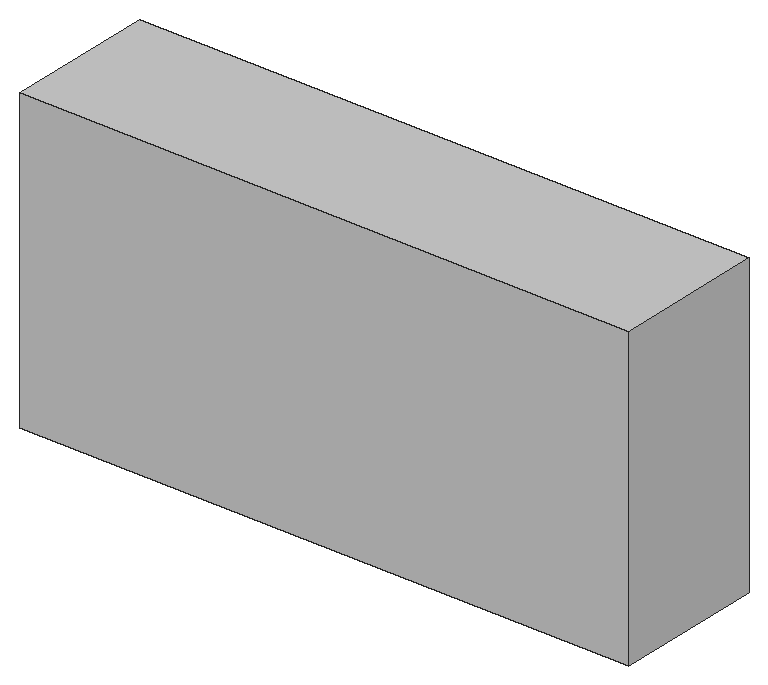
Revit family "混凝土 - 矩形梁", category 结构框架, Revit 2020
Family settings
  显示在隐藏视图中 = 被其他构件隐藏的边缘
  结构框架长度舍入 = 1 mm
  横断面形状 = 未定义
  用于模型行为的材质 = 混凝土
  始终导出为几何图形 = 否
  总是垂直 = 是
  加载时剪切的空心 = 否
  符号表示法 = 从族
  共享 = 否
  在平面视图中显示族的预剪切 = 是
Parameters (values of type "300 x 600mm")
  Structural Material [instance] = 混凝土 - 现场浇注混凝土
  Assembly Code = ""
  Length [instance] = 1524 mm
  b = 300 mm
  h = 600 mm
Types (3, lengths in mm): name | Structural Material | b | h
  (no name) | 混凝土 - 现场浇注混凝土 | 300 | 600
  400 x 800mm | none | 400 | 800
  300 x 600mm | 混凝土 - 现场浇注混凝土 | 300 | 600
Reference planes
  plane 1 "中心(前/后)": y = 0
  plane 2: z = 0
  plane 3 "中心(左/右)": x = 4.61
  plane 4 "左构件": x = -604.99
  plane 5 "右构件": x = 614.21
  plane 6: y = 150
  plane 7: y = -150
  plane 8: z = 300
  plane 9 "底": z = -300
  plane 10 "左": x = -757.39
  plane 11 "右": x = 766.61
Forms (mm)
  Sweep 1, solid, material "混凝土 - 现场浇注混凝土" <- "Structural Material"
    path origin (0, 0, 0) x (1, 0, 0) y (0, 1, 0)
      loop
        line (614.21, 0) -> (-604.99, 0)
    profile "M_矩形梁 - 轮廓 : M_矩形梁 - 轮廓" origin (4.61, 0, 0) x (0, -1, 0) y (0, 0, 1)
      loop
        line (-150, -300) -> (150, -300) -> (150, 300) -> (-150, 300) -> (-150, -300)
Dimensions and locks
  "b": plane 6 to plane 7
  equal spacing: plane 9 "底", plane 2, plane 8
  equal spacing: plane 6, plane 1 "中心(前/后)", plane 7
  "h": plane 9 "底" to plane 8
  "Length": plane 10 "左" to plane 11 "右"
  aligned and locked: Sweep 1 sketch curve to plane 1 "中心(前/后)"
  aligned and locked: plane 4 "左构件" to Sweep 1 sketch curve
  aligned and locked: plane 5 "右构件" to Sweep 1 sketch curve
